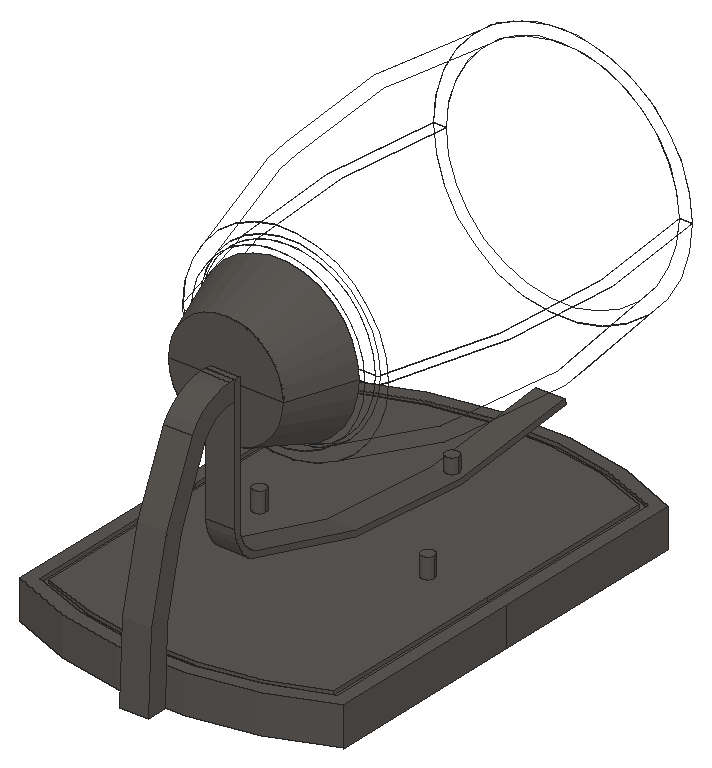
Revit family "P2794-20 1-100W MED BATH BRKT", category Lighting Fixtures, host Face, Revit 2012
Parameters (values of type "P2794-20 1-100W MED BATH BRKT")
  Wattage Comments = "100 W"
  URL = "http://www.progresslighting.com"
  Product Page URL = "http://www.progresslighting.com/products.aspx?product=P2794-20"
  Product Documentation Link = "http://www.progresslighting.com/SpecSheets/P2794.pdf"
  Model = "P2794-09"
  Manufacturer Phone = "864-678-1000"  # constant formula
  Manufacturer Fax = "864-678-1065"  # constant formula
  Manufacturer = "Progress Lighting"  # constant formula
  Lamp = "One"  # constant formula
  Glass = White Etched Glass
  Family = "Wisten"
  Description = "One-light bracket with etched glass."  # constant formula
  Default Elevation = 48"
  Back Plate = Antique Bronze
Reference planes (in)
  plane 1 "Center (Front/Back)": y = 0
  plane 2: z = 0
  plane 3 "Center (Left/Right)": x = 0
  plane 4: x = 2.5
  plane 5: x = -2.5
  plane 6: y = 3.725
  plane 7: y = -3.725
  plane 8: y = 3.125
  plane 9: y = -3.125
  plane 10: z = 6.05
  plane 11: y = -2.275
  plane 12: z = 0.6
  plane 13: z = 0.55
  plane 14: z = 0.9
  plane 15: y = 4.225
  plane 16: z = 3.84237
  plane 17: y = -4.025
Forms (in)
  Extrusion 1, solid, material "Antique Bronze" <- "Back Plate"
    sketch origin (0, 0, 0) x (1, 0, 0) y (0, 1, 0)
      loop
        line (-2.5, 0) -> (-2.5, -3.125)
        arc (-2.5, -3.125) -> (0, -3.725) -> (2.5, -3.125) r 5.50833
        line (2.5, -3.125) -> (2.5, 0) -> (2.5, 3.125)
        arc (2.5, 3.125) -> (0, 3.725) -> (-2.5, 3.125) r 5.50833
        line (-2.5, 3.125) -> (-2.5, 0)
    from 0 to 0.6
  Extrusion 2, void
    sketch origin (0, 0, 0) x (1, 0, 0) y (0, 1, 0)
      loop
        arc (2.30078, 3.00134) -> (0, 3.52578) -> (-2.30078, 3.00134) r 5.30911
        line (-2.30078, 3.00134) -> (-2.30078, 0) -> (-2.30078, -3.00134)
        arc (-2.30078, -3.00134) -> (0, -3.52578) -> (2.30078, -3.00134) r 5.30911
        line (2.30078, -3.00134) -> (2.30078, 0) -> (2.30078, 3.00134)
      loop
        line (2.19922, -2.93705) -> (2.19922, 0) -> (2.19922, 2.93705)
        arc (2.19922, 2.93705) -> (0, 3.42422) -> (-2.19922, 2.93705) r 5.20755
        line (-2.19922, 2.93705) -> (-2.19922, 0) -> (-2.19922, -2.93705)
        arc (-2.19922, -2.93705) -> (0, -3.42422) -> (2.19922, -2.93705) r 5.20755
    from 0.55 to 0.6
  Extrusion 3, solid, material "Antique Bronze" <- "Back Plate"
    sketch origin (0, 0, 0) x (1, 0, 0) y (0, 1, 0)
      loop
        circle (-1.3, -0.0057) r 0.1
      loop
        circle (1.3, -0.0057) r 0.1
      loop
        circle (0, 2.084) r 0.1
    from 0.6 to 0.9
  Extrusion 4, solid, material "Antique Bronze" <- "Back Plate"
    sketch origin (0, 0, 0) x (0, 1, 0) y (0, 0, 1)
      loop
        line (-2.44239, 3.66097) -> (-2.275, 3.66097) -> (-2.275, 3.96097) -> (-2.4601, 3.96097)
        arc (-2.4601, 3.96097) -> (-2.87958, 3.84769) -> (-3.185, 3.53863) r 0.83328
        arc (-3.185, 3.53863) -> (-3.85673, 1.82907) -> (-4.025, 0) r 6.52016
        line (-4.025, 0) -> (-3.725, 0)
        arc (-3.725, 0) -> (-3.577, 1.73732) -> (-2.94902, 3.36392) r 6.17187
        arc (-2.94902, 3.36392) -> (-2.73604, 3.58123) -> (-2.44239, 3.66097) r 0.58056
    from -0.23534 to 0.21103
  Extrusion 5, solid, material "Antique Bronze" <- "Back Plate"
    sketch origin (0, 0, 0) x (0, 1, 0) y (0, 0, 1)
      loop
        arc (-1.96056, 1.41469) -> (-2.18899, 1.59861) -> (-2.275, 1.87899) r 0.5
        line (-2.275, 1.87899) -> (-2.275, 3.96097) -> (-2.36484, 3.96097) -> (-2.36484, 1.87899)
        arc (-2.36484, 1.87899) -> (-2.26338, 1.54823) -> (-1.99391, 1.33127) r 0.58984
        arc (-1.99391, 1.33127) -> (0.97412, 0.62638) -> (4.01905, 0.81209) r 10.41039
        line (4.01905, 0.81209) -> (4.0005, 0.9)
        arc (4.0005, 0.9) -> (0.98185, 0.71589) -> (-1.96056, 1.41469) r 10.32055
    from -0.23534 to 0.21103
Cuts and joins
  Extrusion 2 cuts Extrusion 1
Lines and regions (in)
  reference lines
    curve 1: arc (2.5, 3.125, 0) -> (0, 3.725, 0) -> (-2.5, 3.125, 0) r 5.50833
    curve 2: line (-2.5, 3.125, 0) -> (-2.5, 0, 0)
    curve 3: line (-2.5, 0, 0) -> (-2.5, -3.125, 0)
    curve 4: arc (-2.5, -3.125, 0) -> (0, -3.725, 0) -> (2.5, -3.125, 0) r 5.50833
    curve 5: line (2.5, -3.125, 0) -> (2.5, 0, 0)
    curve 6: line (2.5, 0, 0) -> (2.5, 3.125, 0)
    curve 7: line (-2.30078, 3.00134, 0) -> (-2.30078, 0, 0)
    curve 8: arc (2.30078, 3.00134, 0) -> (0, 3.52578, 0) -> (-2.30078, 3.00134, 0) r 5.30911
    curve 9: line (2.30078, 0, 0) -> (2.30078, 3.00134, 0)
    curve 10: line (2.30078, -3.00134, 0) -> (2.30078, 0, 0)
    curve 11: arc (-2.30078, -3.00134, 0) -> (0, -3.52578, 0) -> (2.30078, -3.00134, 0) r 5.30911
    curve 12: line (-2.30078, 0, 0) -> (-2.30078, -3.00134, 0)
    curve 13: line (-2.19922, 2.93705, 0) -> (-2.19922, 0, 0)
    curve 14: arc (2.19922, 2.93705, 0) -> (0, 3.42422, 0) -> (-2.19922, 2.93705, 0) r 5.20755
    curve 15: line (2.19922, 0, 0) -> (2.19922, 2.93705, 0)
    curve 16: line (2.19922, -2.93705, 0) -> (2.19922, 0, 0)
    curve 17: arc (-2.19922, -2.93705, 0) -> (0, -3.42422, 0) -> (2.19922, -2.93705, 0) r 5.20755
    curve 18: line (-2.19922, 0, 0) -> (-2.19922, -2.93705, 0)
    curve 19: line (0, -2.275, 3.96097) -> (0, -2.4601, 3.96097)
    curve 20: line (0, -2.275, 3.66097) -> (0, -2.44239, 3.66097)
    curve 21: arc (0, -2.94902, 3.36392) -> (0, -3.577, 1.73732) -> (0, -3.725, 0) r 6.17187
    curve 22: arc (0, -3.185, 3.53863) -> (0, -3.85673, 1.82907) -> (0, -4.025, 0) r 6.52016
    curve 23: arc (0, -2.44239, 3.66097) -> (0, -2.73604, 3.58123) -> (0, -2.94902, 3.36392) r 0.58056
    curve 24: arc (0, -2.4601, 3.96097) -> (0, -2.87958, 3.84769) -> (0, -3.185, 3.53863) r 0.83328
    curve 25: line (0, -2.275, 3.66097) -> (0, -2.275, 1.54643)
    curve 26: arc (0, -2.275, 1.54643) -> (0, 0.81215, 0.73195) -> (0, 4.0005, 0.9) r 10.32055
Dimensions and locks (in)
  locked: plane 4 to plane 3 "Center (Left/Right)" at 2.5
  locked: plane 5 to plane 3 "Center (Left/Right)" at 2.5
  plane 1 "Center (Front/Back)" to plane 8 to plane 6 = 3 1/8" locked, 0.6" locked
  plane 1 "Center (Front/Back)" to plane 9 to plane 7 = 3 1/8" locked, 0.6" locked
  locked: Extrusion 3 sketch curve to plane 3 "Center (Left/Right)" at 1.2
  locked: plane 1 "Center (Front/Back)" to Extrusion 3 sketch curve at 1.984
  locked: plane 6 to plane 11 at 6
  plane 4 to nested 1 = 2 1/2"
  locked: plane 2 to plane 12 at 0.6
  plane 2 to plane 13 to plane 12 = 0.55", 0.05"
  locked: plane 14 to plane 12 at 0.3
  locked: plane 15 to plane 6 at 0.5
  plane 14 to plane 16 to plane 10 = 2.94237" locked, 2.20763" locked
  locked: plane 15 to plane 17 at 8.25
  radius of Extrusion 1 sketch curve = 5.50833"  (x2)
  aligned and locked: plane 2 to host face
  aligned and locked: level to host face
  aligned and locked: Extrusion 1 sketch curve to plane 5
  aligned and locked: plane 5 to Extrusion 1 sketch curve  (x2)
  aligned and locked: Extrusion 1 sketch curve to plane 4
  aligned and locked: plane 4 to Extrusion 1 sketch curve  (x2)
  aligned and locked: plane 8 to Extrusion 1 sketch curve  (x2)
  aligned and locked: plane 9 to Extrusion 1 sketch curve  (x2)
  aligned and locked: Extrusion 1 to level
  aligned and locked: Extrusion 2 sketch curve to curve 8
  aligned and locked: Extrusion 2 sketch curve to curve 9
  aligned and locked: Extrusion 2 sketch curve to curve 16
  aligned and locked: Extrusion 2 sketch curve to curve 10
  aligned and locked: Extrusion 2 sketch curve to curve 11
  aligned and locked: Extrusion 2 sketch curve to curve 17
  aligned and locked: Extrusion 2 sketch curve to curve 12
  aligned and locked: Extrusion 2 sketch curve to curve 18
  aligned and locked: Extrusion 2 sketch curve to curve 7
  aligned and locked: Extrusion 2 sketch curve to curve 13
  aligned and locked: Extrusion 2 sketch curve to curve 14
  aligned and locked: Extrusion 2 sketch curve to curve 15
  aligned and locked: Extrusion 1 to Extrusion 2
  aligned and locked: plane 12 to cut or joined group of Extrusion 1, Extrusion 2
  aligned and locked: Extrusion 2 to plane 13
  aligned and locked: Extrusion 3 to cut or joined group of Extrusion 1, Extrusion 2
  aligned and locked: plane 14 to Extrusion 3
  aligned and locked: plane 3 "Center (Left/Right)" to nested 1
  aligned and locked: plane 15 to nested 1
  aligned and locked: plane 16 to nested 1
  aligned and locked: Extrusion 4 sketch curve to curve 23
  aligned and locked: Extrusion 4 sketch curve to curve 20
  aligned and locked: Extrusion 4 sketch curve to curve 19
  aligned and locked: Extrusion 4 sketch curve to curve 24
  aligned and locked: Extrusion 4 sketch curve to curve 22
  aligned and locked: Extrusion 4 sketch curve to curve 21
  aligned and locked: plane 11 to Extrusion 4 sketch curve
  aligned and locked: Extrusion 4 sketch curve to cut or joined group of Extrusion 1, Extrusion 2
  aligned and locked: Extrusion 5 sketch curve to curve 26  (x2)
  aligned and locked: nested 1 to Extrusion 5 sketch curve
  aligned and locked: Extrusion 5 sketch curve to Extrusion 4
  aligned and locked: Extrusion 5 sketch curve to curve 19
Nested families (in)
  nested 1: "Light P2794" at (0, -2.275, 3.84237), type "Light P2794"
Connectors (in)
  electrical at (0, 0, 0)
    settings: on cut or joined group of Extrusion 1, Extrusion 2, index 1, voltage 0 V, apparent load 0 VA, apparent load phase1 0 VA, apparent load phase2 0 VA, apparent load phase3 0 VA, power factor 1, load classification "Other", number of poles 1, system type 31, power factor state 1, is connector primary yes, connector utility no, sub classification motor no, connector description ""
Definition of nested family "Light P2794"
  Parameters (values of type "Light P2794")
    Wattage = 9.2903 W
    built-in parameter 1150110 = 1 (stored number, unit not read)
    built-in parameter 1114217 = 1 (stored number, unit not read)
    built-in parameter 1150109 = 1 (stored number, unit not read)
    built-in parameter 1150134 = 3
    built-in parameter 1150113 = 1 (stored number, unit not read)
    built-in parameter 1150105 = 109.82 (stored number, unit not read)
    Lumens = 1380 lm
    built-in parameter 1150115 = 1 (stored number, unit not read)
    Light Source Symbol Size = 4"
    built-in parameter 1150137 = (empty or 0)
    built-in parameter 1150139 = (empty or 0)
    built-in parameter 1150112 = 1 (stored number, unit not read)
    built-in parameter 1150114 = 1 (stored number, unit not read)
    built-in parameter 1150132 = (empty or 0)
    built-in parameter 1150102 = (empty or 0)
    built-in parameter 1150107 = 3200 (stored number, unit not read)
    built-in parameter 1150138 = (empty or 0)
    built-in parameter 1150106 = 1.0982 (stored number, unit not read)
    Glass = White Etched Glass
    built-in parameter 1150104 = 13.8 (stored number, unit not read)
    Dimming Lamp Color Temperature Shift = (empty or 0)
    Color Filter = 16777215
    built-in parameter 1114218 = 1 (stored number, unit not read)
    Back Plate = Antique Bronze
    built-in parameter 1150133 = 10 (stored number, unit not read)
  Reference planes (in)
    plane 1 "Center (Front/Back)": y = 0
    plane 2: z = 0
    plane 3 "Center (Left/Right)": x = 0
    plane 4: y = 6.5
    plane 5: y = 1
    plane 6: x = 2
    plane 7: x = 2.2
    plane 8: x = 1.25
  Forms (in)
    Revolve 1, solid, material "White Etched Glass" <- "Glass"
      sketch origin (0, 0, 0) x (1, 0, 0) y (0, 1, 0)
        loop
          arc (1.79522, 6.5) -> (1.97746, 3.83687) -> (1.39465, 1.23191) r 9.28693
          arc (1.39465, 1.23191) -> (1.37601, 1.20818) -> (1.3472, 1.19922) r 0.05078
          line (1.3472, 1.19922) -> (0, 1.19922) -> (0, 1) -> (1.3472, 1)
          arc (1.3472, 1) -> (1.48903, 1.04412) -> (1.58079, 1.16092) r 0.25
          arc (1.58079, 1.16092) -> (2.17445, 3.80034) -> (1.99893, 6.5) r 9.48615
          line (1.99893, 6.5) -> (1.79522, 6.5)
        axis (0, 1) -> (0, 6.5)
      angle from 0 to 360
    Revolve 2, solid, material "Antique Bronze" <- "Back Plate"
      sketch origin (0, 0, 0) x (1, 0, 0) y (0, 1, 0)
        loop
          line (1.25, 1) -> (0, 1) -> (0, 0) -> (0.88603, 0) -> (1.25, 1)
        axis (0, 1) -> (0, 0)
      angle from 0 to 360
  Dimensions and locks (in)
    plane 1 "Center (Front/Back)" to plane 5 to plane 4 = 1" locked, 5 1/2" locked
    locked: plane 7 to plane 6 at 0.2
    plane 3 "Center (Left/Right)" to plane 6 = 2"
    locked: Revolve 1 sketch curve to Revolve 1 sketch curve at 0.19922
    radius of Revolve 1 sketch curve = 9.28693"
    aligned and locked: level to plane 2
    aligned and locked: plane 5 to Revolve 1 sketch curve
    aligned and locked: Revolve 2 sketch curve to plane 3 "Center (Left/Right)"
    aligned and locked: Revolve 2 sketch curve to plane 5
    aligned and locked: Revolve 2 sketch curve to Revolve 2 sketch curve
    aligned and locked: plane 3 "Center (Left/Right)" to Revolve 1 sketch curve
    aligned and locked: Revolve 1 sketch curve to plane 4
    aligned and locked: plane 4 to Revolve 1 sketch curve  (x2)
    aligned and locked: Revolve 2 to plane 1 "Center (Front/Back)"
    aligned and locked: plane 5 to Revolve 2
    aligned and locked: plane 3 "Center (Left/Right)" to imposter light
    aligned and locked: level to imposter light
